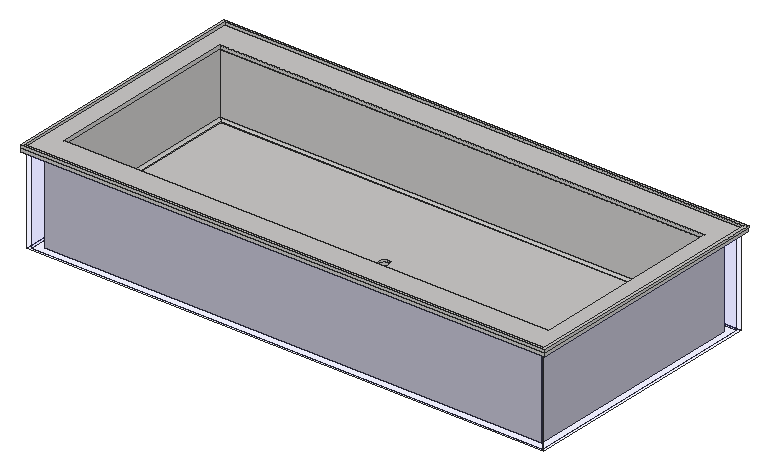
Revit family "QF_Vollrath_36491_cat", category Specialty Equipment, Revit 2016
Family settings
  Part Type = Normal
  Round Connector Dimension = Use Diameter
  OmniClass Number = 23.40.40.14.14
  OmniClass Title = Food Preparation Equipment
  Work Plane-Based = No
  Always vertical = Yes
  Cut with Voids When Loaded = No
  Shared = No
  Room Calculation Point = No
Parameters (values of type "Requires Type Catalog QF_Vollrath_Refrig_Cold_Pans_cat.txt")
  Remote = no
  Overall Width A = 4' - 5 1/2"
  Weight in Pounds = 0
  Waste Water Discharge Temperature = -459.67 °F
  Volts = 120 V
  URL Cutsheet = ""
  URL = "www.vollrathco.com"
  Status [instance] = ""
  Specification by User [instance] = ""
  Specification by Manufacturer [instance] = ""
  Serial Number [instance] = ""
  Seismic Rating [instance] = ""
  SMACNA No [instance] = ""
  Revision Code [instance] = ""
  Plumbing Remarks [instance] = ""
  Plumbing Connection Type [instance] = ""
  Phase = 1
  Number of Poles [instance] = 1
  Non Remote = not(Remote)  # yes
  NAFEM Spec ID Number [instance] = ""
  Model = "-"
  Masterspec [instance] = ""
  Manufacturer = "Vollrath"
  Item Number [instance] = "-"
  Installed By [instance] = ""
  Indirect Waste Size = 1"
  Indirect Waste Flow [instance] = 0.00 GPM
  Indirect Waste Connection Type [instance] = ""
  Indirect Waste Connection Height [instance] = Height AFF - 1' 2 5/8"  # 1' - 9 3/8"
  Height AFF [instance] = 3' - 0"
  Half Display Width = Display Width B / 2  # 1' - 6 3/4"
  HP = "1/4"
  Furnished By [instance] = ""
  Foodservice Equipment Identifier [instance] = yes
  FL Amps = 4.9 A
  Electrical Remarks [instance] = ""
  Electric Connection Type [instance] = ""
  Elec Conn RI Height [instance] = 0' - 0"
  Elec Conn Connection Height [instance] = Height AFF - 1' 4"  # 1' - 8"
  Display Width B = 3' - 1 1/2"
  Description = "Refrigerated Cold Pan Drop-In"
  Cycle [instance] = 60 Hz
  Conn Plug = "NEMA 5-15P"
  CSI MasterFormat = "11 42 00"
  Assembly Code = "E1090320"
  Apparent Power = Volts * FL Amps  # 588 VA
Reference planes (in)
  plane 1 "BACK": y = 0
  plane 2: z = 0
  plane 3 "LEFT": x = -26.28536
  plane 4 "RIGHT": x = 27.21464
  plane 5 "FRONT": y = -26
  plane 6: y = -13
  plane 7: y = -1.5
  plane 8: y = -3
  plane 9: y = -24.5
  plane 10: y = -23
  plane 11 "Back of Unit": y = -3.5
  plane 12 "Front of Unit": y = -22.5
  plane 13: x = -24.78536
  plane 14: x = -24.28536
  plane 15: x = 25.21464
  plane 16: x = 25.71464
  plane 17 "Left of Unit": x = -22.78536
  plane 18: x = 0.46464
  plane 19 "Table Top": z = 36
  plane 20 "TOP": z = 36.375
  plane 21 "Outer Bottom": z = 27.055
  plane 22 "Drain": z = 21.375
  plane 23 "BOTTOM": z = 12.43
  plane 24: z = 17.43
  plane 25: z = 21.43
  plane 26 "Well Bottom": z = 29.375
  plane 27 "Ledge": z = 33.375
Forms (in)
  Extrusion 1, solid, material "QF_Finishes_Stainless Steel"
    sketch origin (0, 0, 36.375) x (0, 1, 0) y (-1, 0, 0)
      loop
        line (0, 26.28536) -> (-26, 26.28536) -> (-26, -27.21464) -> (0, -27.21464) -> (0, 26.28536)
      loop
        line (-3, 24.28536) -> (-23, 24.28536) -> (-23, -25.21464) -> (-3, -25.21464) -> (-3, 24.28536)
    from 0 to -0.375
  Extrusion 2, solid, material "QF_Finishes_Stainless Steel"
    sketch origin (0, 0, 36) x (0, 1, 0) y (-1, 0, 0)
      loop
        line (-1.5, 24.78536) -> (-24.5, 24.78536) -> (-24.5, -25.71464) -> (-1.5, -25.71464) -> (-1.5, 24.78536)
      loop
        line (-1.375, 24.91036) -> (-24.625, 24.91036) -> (-24.625, -25.83964) -> (-1.375, -25.83964) -> (-1.375, 24.91036)
    from 0 to -8.945
  Extrusion 3, solid, material "QF_Finishes_Stainless Steel"
    sketch origin (0, 0, 21.375) x (0, 1, 0) y (-1, 0, 0)
      loop
        circle (-13, -0.46464) r 0.5
      loop
        circle (-13, -0.46464) r 0.625
    from 0 to 8
  Sweep 4, solid, material "QF_Finishes_Stainless Steel"
    path origin (0, 0, 36) x (0, 1, 0) y (-1, 0, 0)
      loop
        line (-3, 24.28536) -> (-23, 24.28536) -> (-23, -25.21464) -> (-3, -25.21464) -> (-3, 24.28536)
    profile origin (0.46464, -3, 36) x (0, 1, 0) y (0, 0, 1)
      loop
        line (0, 0) -> (0, -6.25)
        arc (0, -6.25) -> (-0.07322, -6.42678) -> (-0.25, -6.5) r 0.25
        line (-0.25, -6.5) -> (-0.25, -6.625)
        arc (-0.25, -6.625) -> (0.01517, -6.51517) -> (0.125, -6.25) r 0.375
        line (0.125, -6.25) -> (0.125, 0) -> (0, 0)
  Extrusion 5, solid, material "QF_Finishes_Stainless Steel"
    sketch origin (0, 0, 29.375) x (0, 1, 0) y (-1, 0, 0)
      loop
        line (-3.25, 24.03536) -> (-22.75, 24.03536) -> (-22.75, -24.96464) -> (-3.25, -24.96464) -> (-3.25, 24.03536)
      loop
        circle (-13, -0.46464) r 0.5
    from 0 to 0.125
  Extrusion 6, solid, material "QF_Finishes_Stainless Steel"
    sketch origin (-240, 61.81835, 27.055) x (0, 1, 0) y (-1, 0, 0)
      loop
        line (-63.31835, -215.21464) -> (-86.31835, -215.21464) -> (-86.31835, -265.71464) -> (-63.31835, -265.71464) -> (-63.31835, -215.21464)
      loop
        circle (-74.81835, -240.46464) r 0.5
    from 0 to 0.125
  Extrusion 7, solid, material "QF_Finishes_Clearances"
    sketch origin (0, 0, 36) x (0, 1, 0) y (-1, 0, 0)
      loop
        line (-0.375, 25.91036) -> (-25.625, 25.91036) -> (-25.625, -26.83964) -> (-0.375, -26.83964) -> (-0.375, 25.91036)
      loop
        line (-0.625, 25.66036) -> (-25.375, 25.66036) -> (-25.375, -26.58964) -> (-0.625, -26.58964) -> (-0.625, 25.66036)
    from 0 to -8.945
  Extrusion 8, solid, material "QF_Finishes_Stainless Steel"
    sketch origin (0, 0, 36.375) x (0, 1, 0) y (-1, 0, 0)
      loop
        line (0, 26.28536) -> (-26, 26.28536) -> (-26, -27.21464) -> (0, -27.21464) -> (0, 26.28536)
      loop
        line (-0.25, 26.03536) -> (-25.75, 26.03536) -> (-25.75, -26.96464) -> (-0.25, -26.96464) -> (-0.25, 26.03536)
    from 0 to 0.25
Lines and regions (in)
  symbolic lines
    curve 1: line (-26.28536, 0, 12.43) -> (27.21464, 0, 12.43)
    curve 2: line (-26.28536, -26, 12.43) -> (-26.28536, 0, 12.43)
    curve 3: line (27.21464, -26, 12.43) -> (-26.28536, -26, 12.43)
    curve 4: line (27.21464, 0, 12.43) -> (27.21464, -26, 12.43)
    curve 5: line (25.21464, -23, 33.375) -> (-24.28536, -23, 33.375)
    curve 6: line (-24.28536, -23, 33.375) -> (-24.28536, -3, 33.375)
    curve 7: line (-24.28536, -3, 33.375) -> (25.21464, -3, 33.375)
    curve 8: line (25.21464, -3, 33.375) -> (25.21464, -23, 33.375)
    curve 9: arc (0.46464, -12.5, 33.375) -> (0.96464, -13, 33.375) -> (0.46464, -13.5, 33.375) r 0.5
    curve 10: arc (0.46464, -13.5, 33.375) -> (-0.03536, -13, 33.375) -> (0.46464, -12.5, 33.375) r 0.5
  model lines, style "QF_Cutout"
    curve 11: line (-25.91036, -0.375, 36.375) -> (-25.91036, -0.375, 42.375)
    curve 12: line (26.83964, -0.375, 36.375) -> (26.83964, -0.375, 42.375)
    curve 13: line (-25.91036, -25.625, 36.375) -> (-25.91036, -25.625, 42.375)
    curve 14: line (26.83964, -25.625, 36.375) -> (26.83964, -25.625, 42.375)
Dimensions and locks (in)
  "Overall Width A": plane 3 "LEFT" to plane 4 "RIGHT"
  locked: plane 5 "FRONT" to plane 1 "BACK" at 26
  equal spacing: plane 5 "FRONT", plane 6, plane 1 "BACK"
  locked: plane 1 "BACK" to plane 7 at 1.5
  locked: plane 7 to plane 8 at 1.5
  locked: plane 5 "FRONT" to plane 9 at 1.5
  locked: plane 10 to plane 9 at 1.5
  plane 11 "Back of Unit" to plane 6 to plane 12 "Front of Unit" = 0' - 9 1/2" locked, 0' - 9 1/2" locked
  locked: plane 3 "LEFT" to plane 13 at 1.5
  locked: plane 16 to plane 4 "RIGHT" at 1.5
  locked: plane 3 "LEFT" to plane 17 "Left of Unit" at 3.5
  "Height AFF": plane 19 "Table Top" to level
  locked: plane 20 "TOP" to plane 19 "Table Top" at 0.375
  plane 19 "Table Top" to plane 21 "Outer Bottom" = 0' - 8.945"
  plane 21 "Outer Bottom" to plane 22 "Drain" = 0' - 5.68"
  locked: plane 24 to plane 23 "BOTTOM" at 5
  locked: plane 25 to plane 24 at 4
  locked: plane 21 "Outer Bottom" to plane 23 "BOTTOM" at 14.625
  equal spacing: plane 3 "LEFT", plane 18, plane 4 "RIGHT"
  locked: plane 19 "Table Top" to plane 26 "Well Bottom" at 6.625
  locked: plane 20 "TOP" to plane 27 "Ledge" at 3
  locked: plane 15 to plane 4 "RIGHT" at 2
  locked: Extrusion 7 sketch curve to plane 1 "BACK" at 0.375
  locked: Extrusion 7 sketch curve to plane 1 "BACK" at 0.625
  locked: plane 3 "LEFT" to Extrusion 7 sketch curve at 0.375
  locked: plane 3 "LEFT" to Extrusion 7 sketch curve at 0.625
  locked: Extrusion 7 sketch curve to plane 4 "RIGHT" at 0.375
  locked: Extrusion 7 sketch curve to plane 4 "RIGHT" at 0.625
  locked: Extrusion 7 sketch curve to plane 5 "FRONT" at 0.375
  locked: Extrusion 7 sketch curve to plane 5 "FRONT" at 0.625
  locked: plane 3 "LEFT" to Extrusion 8 sketch curve at 0.25
  locked: Extrusion 8 sketch curve to plane 1 "BACK" at 0.25
  locked: Extrusion 8 sketch curve to plane 5 "FRONT" at 0.25
  locked: Extrusion 8 sketch curve to plane 4 "RIGHT" at 0.25
  aligned and locked: level to plane 2
  aligned and locked: plane 1 "BACK" to Extrusion 1 sketch curve
  aligned and locked: plane 3 "LEFT" to Extrusion 1 sketch curve
  aligned and locked: Extrusion 1 sketch curve to plane 5 "FRONT"
  aligned and locked: Extrusion 1 sketch curve to plane 4 "RIGHT"
  aligned and locked: Extrusion 1 to plane 19 "Table Top"
  aligned and locked: Extrusion 2 sketch curve to plane 7
  aligned and locked: plane 13 to Extrusion 2 sketch curve
  aligned and locked: plane 9 to Extrusion 2 sketch curve
  aligned and locked: Extrusion 2 sketch curve to plane 16
  aligned and locked: Extrusion 2 to plane 21 "Outer Bottom"
  aligned: plane 21 "Outer Bottom" to Extrusion 3
  aligned and locked: plane 3 "LEFT" to curve 2
  aligned and locked: plane 1 "BACK" to curve 1
  aligned and locked: curve 3 to plane 5 "FRONT"
  aligned and locked: curve 4 to plane 4 "RIGHT"
  aligned and locked: Extrusion 1 sketch curve to plane 8
  aligned and locked: plane 14 to Extrusion 1 sketch curve
  aligned and locked: plane 10 to Extrusion 1 sketch curve
  aligned and locked: Extrusion 1 sketch curve to plane 15
  aligned and locked: Sweep 4 sketch curve to plane 8
  aligned and locked: plane 14 to Sweep 4 sketch curve
  aligned and locked: plane 10 to Sweep 4 sketch curve
  aligned and locked: Sweep 4 sketch curve to plane 15
  aligned and locked: plane 19 "Table Top" to Sweep 4 sketch curve
  aligned and locked: Sweep 4 to Extrusion 5 sketch curve  (x4)
  aligned and locked: plane 26 "Well Bottom" to Extrusion 3
  aligned and locked: Extrusion 6 sketch curve to plane 7
  aligned and locked: plane 13 to Extrusion 6 sketch curve
  aligned and locked: plane 9 to Extrusion 6 sketch curve
  aligned and locked: Extrusion 6 sketch curve to plane 16
  aligned and locked: Extrusion 7 to plane 21 "Outer Bottom"
  aligned and locked: plane 1 "BACK" to Extrusion 8 sketch curve
  aligned and locked: plane 3 "LEFT" to Extrusion 8 sketch curve
  aligned and locked: Extrusion 8 sketch curve to plane 5 "FRONT"
  aligned and locked: Extrusion 8 sketch curve to plane 4 "RIGHT"
Automatic sketch dimensions
  plane 16 to Extrusion 2 sketch curve = 0' - 0 1/8"
  plane 7 to Extrusion 2 sketch curve = 0' - 0 1/8"
  Extrusion 2 sketch curve to plane 13 = 0' - 0 1/8"
  Extrusion 2 sketch curve to plane 9 = 0' - 0 1/8"
  Extrusion 3 sketch curve to plane 6 = 0' - 0"
  Extrusion 3 sketch curve to plane 18 = 0' - 0"
  Extrusion 3 sketch curve to Extrusion 3 sketch curve = 0' - 0"  (x2)
  Extrusion 6 sketch curve to plane 6 = 0' - 0"
  Extrusion 6 sketch curve to plane 18 = 0' - 0"
  curve 5 to plane 10 = 0' - 0"
  curve 9 to plane 18 = 0' - 0"
  curve 10 to plane 6 = 0' - 0"
  curve 9 to plane 6 = 0' - 0 1/2"
  curve 7 to plane 8 = 0' - 0"
  curve 6 to plane 14 = 0' - 0"
  curve 5 to plane 15 = 0' - 0"
  Sweep 4 sketch curve to Sweep 4 sketch curve = 0' - 0"  (x2)
  Sweep 4 sketch curve to profile plane = 0' - 0"
  profile plane to Sweep 4 sketch curve = 0' - 0 1/4"
  Sweep 4 sketch curve to Sweep 4 sketch curve = 0' - 0 1/8"
  Sweep 4 sketch curve to plane 19 "Table Top" = 0' - 6 1/4"
  Extrusion 5 sketch curve to plane 6 = 0' - 0"
  Extrusion 5 sketch curve to plane 18 = 0' - 0"
  Extrusion 7 to curve 11 = 0' - 0"
  Extrusion 7 to curve 12 = 0' - 0"
  curve 11 to Extrusion 7 = 0' - 6 3/8"
  curve 12 to Extrusion 7 = 0' - 6 3/8"
  curve 12 to Extrusion 7 = 0' - 0 3/8"
  curve 11 to Extrusion 7 = 0' - 0 3/8"
  curve 14 to Extrusion 7 = 0' - 0"
  curve 13 to Extrusion 7 = 0' - 0"
  curve 13 to Extrusion 7 = 0' - 6 3/8"
  curve 14 to Extrusion 7 = 0' - 6 3/8"
  curve 14 to Extrusion 7 = 0' - 0 3/8"
  curve 13 to Extrusion 7 = 0' - 0 3/8"
  radius of Extrusion 3 sketch curve = 0' - 0 1/2"
  radius of Extrusion 3 sketch curve = 0' - 0 5/8"
  radius of Extrusion 6 sketch curve = 0' - 0 1/2"
  radius of Extrusion 5 sketch curve = 0' - 0 1/2"
Connectors (in)
  piping at (0.46464, -13, 21.375), diameter 1, driven by "Indirect Waste Flow"
    settings: on Extrusion 3, index 2, connector inside diameter 1", connector length 0' - 0", flow factor 0, pipe flow 0.00 GPM, pressure drop 0.00 psi, fitting loss kfactor 0, connector angle 0.00°, fixture units 0, engagement length 0' - 0", angle of deflection 0.00°, flow configuration 1, flow direction 2, fitting loss method 0, system type 16, joint type 0, gender type 0, connector reference index -1, connector utility 0, adjustable connector no, is connector primary yes, connector description "Indirect Waste"
